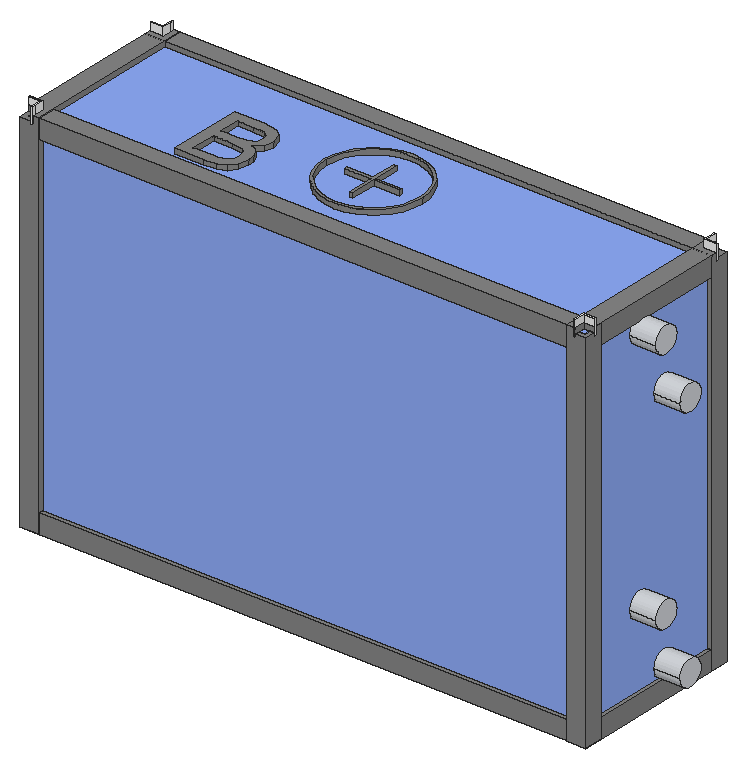
Revit family "10. Водяные нагреватели UTR GLP", category Оборудование, Revit 2016
Family settings
  Тип детали = Нормальный
  Размер круглого соединителя = Использовать диаметр
  На основе рабочей плоскости = Нет
  Всегда вертикально = Да
  При загрузке вырезать с полостями = Нет
  Общий = Нет
  Точка расчета площади = Нет
Parameters (values of type "90-50")
  ширина = 900 mm
  размер В = 1050 mm
  значок [instance] = yes
  высота = 500 mm
  Теплопроизводительность, кВт = 92.6 kW
  Синий = Синий
  Заправочный объем, л = 3.50 m³
  Д1 = Д - 20 mm  # 330 mm
  Д = 350 mm
  ножки(да/нет) [instance] = no
  Г = 645 mm
  Б1 = Б - 20 mm  # 720 mm
  А1 = А - 20 mm  # 1105 mm
  А = 1125 mm
  высота ножек = 50 mm
  Б = 740 mm
  Частотный преобразователь [instance] = no
  Частота вращения n, об/мин = ""
  Тип, марка, обозначение = "UTR 90-50 GLP"
  Сила тока J, А = ""
  Регулятор расхода [instance] = no
  Раздел = "ОВ"
  Примечание = ""
  Позиция = ""
  Напряжение U,В = ""
  Наименование и тех.хар-ка = "Рекуператор с промежуточным теплоносителем - приточная секция"  # constant formula
  Мощность двигателя N,Вт = ""
  Материал = Сталь серая
  Масса единицы = "72"
  Код, оборудования = ""
  Ключевая пометка = "Вентиляция"
  Задание электрикам [instance] = no
  Задание автоматчикам [instance] = no
  Завод изготовитель = "KORF"  # constant formula
  Единица измерения = "шт."  # constant formula
  h = высота ножек + 10 mm  # 60 mm
  d = 50.8 mm
Types (8, lengths in mm): name | ширина | размер В | высота | Теплопроизводительность, кВт | Заправочный объем, л | Г | Б1 | А1 | А | Б | Тип, марка, обозначение | Масса единицы | d
  50-25 | 500 | 635 | 250 | 26 kW | 1.00 m³ | 395 | 450 | 690 | 710 | 470 | "UTR 50-25 GLP" | "36" | 31.8
  50-30 | 500 | 635 | 300 | 30.9 kW | 1.30 m³ | 445 | 500 | 690 | 710 | 520 | "UTR 50-30 GLP" | "38" | 38.1
  60-30 | 600 | 735 | 300 | 37.4 kW | 1.50 m³ | 445 | 500 | 790 | 810 | 520 | "UTR 60-30 GLP" | "42" | 38.1
  60-35 | 600 | 735 | 350 | 43.9 kW | 1.70 m³ | 495 | 550 | 790 | 810 | 570 | "UTR 60-35 GLP" | "46" | 50.8
  70-40 | 700 | 835 | 400 | 58.5 kW | 2.20 m³ | 545 | 600 | 890 | 910 | 620 | "UTR 70-40 GLP" | "54" | 50.8
  80-50 | 800 | 935 | 500 | 82.9 kW | 3.20 m³ | 645 | 700 | 990 | 1010 | 720 | "UTR 80-50 GLP" | "69" | 50.8
  90-50 | 900 | 1050 | 500 | 92.6 kW | 3.50 m³ | 645 | 720 | 1105 | 1125 | 740 | "UTR 90-50 GLP" | "72" | 50.8
  100-50 | 1000 | 1150 | 500 | 102.4 kW | 3.80 m³ | 665 | 720 | 1205 | 1225 | 740 | "UTR 100-50 GLP" | "78" | 50.8
Reference planes
  plane 1 "По центру (Вперед/Назад)": y = 0
  plane 2: z = 0
  plane 3 "По центру (Влево/Вправо)": x = 0
  plane 4: x = -552.5
  plane 5: x = 552.5
  plane 6: y = 165
  plane 7: y = -165
  plane 8: z = 780
  plane 9: z = 60
  plane 10: z = 805
  plane 11: z = 272.5
  plane 12: z = 600
  plane 13: z = 240
  plane 14: z = 110
  plane 15: z = 730
  plane 16: y = 30
  plane 17: y = -30
  plane 18: x = 606
  plane 19: x = -300
Forms (mm)
  Extrusion 1, solid, material "Синий" <- "Синий", detail levels fine
    sketch origin (0, 0, 50) x (1, 0, 0) y (0, 1, 0)
      loop
        line (-552.5, 165) -> (-552.5, -165) -> (552.5, -165) -> (552.5, 165) -> (-552.5, 165)
    from 10 to 730
  Sweep 2, solid, material "Сталь серая" <- "Материал", detail levels fine
    path origin (552.5, -165, 50) x (-1, 0, 0) y (0, 0, -1)
      loop
        line (0, -730) -> (1105, -730) -> (1105, -10) -> (0, -10) -> (0, -730)
    profile "Профиль уголок 10х10 : Профиль уголок 10х10" origin (0, -165, 780) x (0, 0, -1) y (0, -1, 0)
      loop
        line (0, -27.5) -> (0, 0) -> (27.5, 0) -> (27.5, 10) -> (-10, 10) -> (-10, -27.5) -> (0, -27.5)
  Sweep 3, solid, material "Сталь серая" <- "Материал", detail levels fine
    path origin (-552.5, 165, 50) x (1, 0, 0) y (0, 0, -1)
      loop
        line (0, -730) -> (1105, -730) -> (1105, -10) -> (0, -10) -> (0, -730)
    profile "Профиль уголок 10х10 : Профиль уголок 10х10" origin (0, 165, 780) x (0, 0, -1) y (0, 1, 0)
      loop
        line (0, -27.5) -> (0, 0) -> (27.5, 0) -> (27.5, 10) -> (-10, 10) -> (-10, -27.5) -> (0, -27.5)
  Sweep 4, solid, material "Сталь серая" <- "Материал", detail levels fine
    path origin (552.5, 165, 50) x (0, -1, 0) y (0, 0, -1)
      loop
        line (0, -730) -> (330, -730) -> (330, -10) -> (0, -10) -> (0, -730)
    profile "Профиль уголок 10х10 : Профиль уголок 10х10" origin (552.5, 0, 780) x (0, 0, -1) y (1, 0, 0)
      loop
        line (0, -27.5) -> (0, 0) -> (27.5, 0) -> (27.5, 10) -> (-10, 10) -> (-10, -27.5) -> (0, -27.5)
  Sweep 5, solid, material "Сталь серая" <- "Материал", detail levels fine
    path origin (-552.5, -165, 50) x (0, 1, 0) y (0, 0, -1)
      loop
        line (0, -730) -> (330, -730) -> (330, -10) -> (0, -10) -> (0, -730)
    profile "Профиль уголок 10х10 : Профиль уголок 10х10" origin (-552.5, 0, 780) x (0, 0, -1) y (-1, 0, 0)
      loop
        line (0, -27.5) -> (0, 0) -> (27.5, 0) -> (27.5, 10) -> (-10, 10) -> (-10, -27.5) -> (0, -27.5)
  Extrusion 6, void
    sketch origin (-552.5, -324.965, 330) x (0, -1, 0) y (0, 0, -1)
      loop
        line (-477.965, -475) -> (-477.965, -450) -> (-528.913, -450) -> (-528.913, -475) -> (-477.965, -475)
    from -47.452 to 12
  Extrusion 7, void, not visible
    sketch origin (-345, -245, 50) x (0, -1, 0) y (0, 0, -1)
      loop
        line (-477.965, -475) -> (-477.965, -450) -> (-528.913, -450) -> (-528.913, -475) -> (-477.965, -475)
    from -47.452 to 12
  Extrusion 8, void
    sketch origin (552.5, 324.965, 330) x (0, 1, 0) y (0, 0, -1)
      loop
        line (-171.965, -475) -> (-121.016, -475) -> (-121.016, -450) -> (-171.965, -450) -> (-171.965, -475)
    from -47.452 to 12
  Extrusion 9, void
    sketch origin (-552.5, -324.965, 330) x (0, -1, 0) y (0, 0, -1)
      loop
        line (-171.965, -475) -> (-121.016, -475) -> (-121.016, -450) -> (-171.965, -450) -> (-171.965, -475)
    from -47.452 to 12
  Extrusion 10, void
    sketch origin (552.5, 324.965, 330) x (0, 1, 0) y (0, 0, -1)
      loop
        line (-477.965, -475) -> (-477.965, -450) -> (-528.913, -450) -> (-528.913, -475) -> (-477.965, -475)
    from -47.452 to 12
  Extrusion 11, solid, detail levels fine
    sketch origin (0, 0, 0) x (0, 1, 0) y (0, 0, 1)
      loop
        circle (30, 600) r 25.4
      loop
        circle (-30, 240) r 25.4
      loop
        circle (30, 110) r 25.4
      loop
        circle (-30, 730) r 25.4
    from 0 to 606
  Extrusion 12, solid, material "Сталь серая" <- "Материал", visible <- "значок", detail levels fine
    sketch origin (0, 0, 0) x (1, 0, 0) y (0, 1, 0)
      loop
        circle (0, 0) r 98.232
      loop
        circle (0, 0) r 93.61
      loop
        line (-3.188, 55) -> (-3.188, 3.188) -> (-55, 3.188) -> (-55, -2.932) -> (-3.188, -2.932) -> (-3.188, -55) -> (2.932, -55) -> (2.932, -2.932) -> (55, -2.932) -> (55, 3.188) -> (2.932, 3.188) -> (2.932, 55) -> (-3.188, 55)
      loop
        line (-300, 30.372) -> (-300, -117.32) -> (-242.69, -117.32) -> (-219.018, -114.778) -> (-202.954, -107.278) -> (-192.191, -93.144) -> (-187.846, -73.294) -> (-189.437, -60.935) -> (-194.21, -50.325) -> (-201.94, -42.014) -> (-212.401, -36.551) -> (-197.419, -23.48) -> (-192.461, -6.227) -> (-198.357, 12.668) -> (-205.379, 20.515) -> (-214.655, 26.027) -> (-242.257, 30.372) -> (-300, 30.372)
      loop
        line (-278.806, -29.628) -> (-245.092, -29.628) -> (-226.752, -28.041) -> (-214.907, -21.209) -> (-210.923, -9.183) -> (-214.637, 2.86) -> (-225.274, 9.981) -> (-249, 11.91) -> (-278.806, 11.91) -> (-278.806, -29.628)
      loop
        line (-278.806, -98.859) -> (-242.293, -98.859) -> (-228.591, -98.138) -> (-216.999, -94.117) -> (-209.318, -85.914) -> (-206.308, -73.474) -> (-209.841, -59.123) -> (-221.29, -50.56) -> (-242.748, -48.09) -> (-278.806, -48.09) -> (-278.806, -98.859)
    from 780 to 790
Cuts and joins
  Extrusion 6, Extrusion 8, Extrusion 9, Extrusion 10 cuts Extrusion 1
  Extrusion 6, Extrusion 8, Extrusion 9, Extrusion 10 cuts Sweep 3
  Extrusion 6, Extrusion 8, Extrusion 9 cuts Sweep 5
  Extrusion 8, Extrusion 10 cuts Sweep 4
  Extrusion 9, Extrusion 10 cuts Sweep 2
Dimensions and locks
  equal spacing: plane 6, plane 1 "По центру (Вперед/Назад)", plane 7
  "Д1": plane 6 to plane 7
  equal spacing: plane 4, plane 3 "По центру (Влево/Вправо)", plane 5
  "А1": plane 4 to plane 5
  "h": plane 9 to level
  "Б1": plane 8 to plane 9
  locked: plane 10 to plane 8 at 25
  locked: plane 8 to plane 15 at 50
  locked: plane 8 to plane 12 at 180
  locked: plane 14 to plane 9 at 50
  locked: plane 13 to plane 9 at 180
  locked: plane 1 "По центру (Вперед/Назад)" to plane 17 at 30
  locked: plane 16 to plane 1 "По центру (Вперед/Назад)" at 30
  locked: plane 18 to plane 5 at 53.5
  cut or joined group of Sweep 2, Extrusion 9, Extrusion 10 to level = 50 mm
  plane 6 to plane 7 = 330 mm
  locked: plane 19 to plane 3 "По центру (Влево/Вправо)" at 300
  "d": diameter of Extrusion 11 sketch curve  (x4)
  aligned and locked: level to plane 2
  aligned and locked: plane 6 to Extrusion 1
  aligned and locked: plane 5 to Extrusion 1
  aligned and locked: Extrusion 1 to plane 7
  aligned and locked: Extrusion 1 to plane 4
  aligned and locked: plane 8 to Extrusion 1
  aligned and locked: Extrusion 1 to plane 9
  aligned and locked: Sweep 4 sketch curve to Extrusion 1  (x2)
  aligned and locked: Sweep 5 sketch curve to Extrusion 1  (x2)
  aligned and locked: nested 1 to Sweep 5  (x2)
  aligned and locked: nested 2 to Sweep 4
  aligned and locked: Sweep 4 to nested 2
  aligned and locked: nested 4 to Sweep 4  (x2)
  aligned and locked: Sweep 5 to nested 3
  aligned and locked: nested 3 to Sweep 5
  aligned and locked: Extrusion 6 to nested 5  (x2)
  aligned and locked: Extrusion 8 to nested 7
  aligned and locked: nested 7 to Extrusion 8
  aligned and locked: Extrusion 9 to nested 8
  aligned and locked: nested 8 to Extrusion 9
  aligned and locked: Extrusion 10 to nested 9
  aligned and locked: nested 9 to Extrusion 10
  aligned and locked: nested 8 to cut or joined group of Sweep 2, Extrusion 9, Extrusion 10  (x2)
  aligned and locked: nested 5 to cut or joined group of Sweep 3, Extrusion 6, Extrusion 8, Extrusion 9, Extrusion 10
  aligned and locked: nested 5 to cut or joined group of Sweep 5, Extrusion 6, Extrusion 8, Extrusion 9
  aligned and locked: nested 7 to cut or joined group of Sweep 4, Extrusion 8, Extrusion 10
  aligned and locked: nested 7 to cut or joined group of Sweep 3, Extrusion 6, Extrusion 8, Extrusion 9, Extrusion 10
  aligned and locked: nested 9 to cut or joined group of Sweep 2, Extrusion 9, Extrusion 10
  aligned and locked: cut or joined group of Sweep 2, Extrusion 9, Extrusion 10 to nested 9
  aligned and locked: nested 8 to plane 10
  aligned and locked: nested 9 to plane 10
  aligned and locked: plane 10 to nested 5
  aligned and locked: plane 10 to nested 7
  aligned and locked: plane 18 to Extrusion 11
  aligned and locked: cut or joined group of Sweep 3, Extrusion 6, Extrusion 8, Extrusion 9, Extrusion 10 to Extrusion 12
  aligned and locked: Extrusion 12 to plane 8
  aligned and locked: plane 9 to nested 11
  aligned and locked: Extrusion 12 to plane 19
Automatic sketch dimensions
  Extrusion 6 sketch curve to Extrusion 6 sketch curve = 50.949 mm
  Extrusion 6 sketch curve to Extrusion 6 sketch curve = 25 mm
  Extrusion 7 sketch curve to Extrusion 7 sketch curve = 50.949 mm
  Extrusion 7 sketch curve to Extrusion 7 sketch curve = 25 mm
  Extrusion 8 sketch curve to Extrusion 8 sketch curve = 50.949 mm
  Extrusion 8 sketch curve to Extrusion 8 sketch curve = 25 mm
  Extrusion 9 sketch curve to Extrusion 9 sketch curve = 50.949 mm
  Extrusion 9 sketch curve to Extrusion 9 sketch curve = 25 mm
  Extrusion 10 sketch curve to Extrusion 10 sketch curve = 50.949 mm
  Extrusion 10 sketch curve to Extrusion 10 sketch curve = 25 mm
  Extrusion 1 sketch curve to plane 4 = 0 mm
  Extrusion 1 sketch curve to plane 5 = 0 mm
  Extrusion 1 sketch curve to plane 7 = 0 mm
  Extrusion 1 sketch curve to plane 6 = 0 mm
  Sweep 2 sketch curve to Extrusion 1 = 0 mm  (x4)
  Sweep 3 sketch curve to Extrusion 1 = 0 mm  (x3)
  Extrusion 1 to Sweep 3 sketch curve = 0 mm
  Sweep 4 sketch curve to Extrusion 1 = 0 mm  (x2)
  Sweep 5 sketch curve to Extrusion 1 = 0 mm  (x2)
  Extrusion 12 sketch curve to Extrusion 12 sketch curve = 0 mm  (x3)
  Extrusion 12 sketch curve to plane 1 "По центру (Вперед/Назад)" = 3.188 mm  (x2)
  plane 1 "По центру (Вперед/Назад)" to Extrusion 12 sketch curve = 0 mm
  Extrusion 12 sketch curve to plane 3 "По центру (Влево/Вправо)" = 0 mm
  Extrusion 12 sketch curve to plane 3 "По центру (Влево/Вправо)" = 3.188 mm  (x2)
  Extrusion 12 sketch curve to Extrusion 12 sketch curve = 51.812 mm
  plane 3 "По центру (Влево/Вправо)" to Extrusion 12 sketch curve = 2.932 mm  (x2)
  Extrusion 12 sketch curve to Extrusion 12 sketch curve = 52.068 mm
  plane 17 to Extrusion 12 sketch curve = 25 mm
  Extrusion 12 sketch curve to plane 16 = 25 mm
  plane 1 "По центру (Вперед/Назад)" to Extrusion 12 sketch curve = 2.932 mm  (x2)
  plane 17 to Extrusion 12 sketch curve = 43.294 mm
  Extrusion 12 sketch curve to Extrusion 12 sketch curve = 132.846 mm
  plane 17 to Extrusion 12 sketch curve = 30.935 mm
  Extrusion 12 sketch curve to Extrusion 12 sketch curve = 1.591 mm
  plane 17 to Extrusion 12 sketch curve = 63.144 mm
  Extrusion 12 sketch curve to Extrusion 12 sketch curve = 4.345 mm
  plane 1 "По центру (Вперед/Назад)" to Extrusion 12 sketch curve = 6.227 mm
  Extrusion 12 sketch curve to Extrusion 12 sketch curve = 3.024 mm
  plane 17 to Extrusion 12 sketch curve = 20.325 mm
  Extrusion 12 sketch curve to Extrusion 12 sketch curve = 4.773 mm
  Extrusion 12 sketch curve to plane 17 = 6.52 mm
  Extrusion 12 sketch curve to Extrusion 12 sketch curve = 4.958 mm
  Extrusion 12 sketch curve to plane 1 "По центру (Вперед/Назад)" = 12.668 mm
  Extrusion 12 sketch curve to Extrusion 12 sketch curve = 5.895 mm
  plane 17 to Extrusion 12 sketch curve = 12.014 mm
  Extrusion 12 sketch curve to Extrusion 12 sketch curve = 7.73 mm
  plane 7 to Extrusion 12 sketch curve = 57.722 mm
  Extrusion 12 sketch curve to Extrusion 12 sketch curve = 10.763 mm
  plane 16 to Extrusion 12 sketch curve = 9.485 mm
  Extrusion 12 sketch curve to Extrusion 12 sketch curve = 7.022 mm
  plane 17 to Extrusion 12 sketch curve = 6.551 mm
  Extrusion 12 sketch curve to Extrusion 12 sketch curve = 10.461 mm
  plane 16 to Extrusion 12 sketch curve = 3.973 mm
  Extrusion 12 sketch curve to Extrusion 12 sketch curve = 9.276 mm
  plane 7 to Extrusion 12 sketch curve = 50.222 mm
  Extrusion 12 sketch curve to Extrusion 12 sketch curve = 16.064 mm
  Extrusion 12 sketch curve to plane 16 = 0.372 mm
  Extrusion 12 sketch curve to Extrusion 12 sketch curve = 27.602 mm
  plane 7 to Extrusion 12 sketch curve = 47.68 mm
  Extrusion 12 sketch curve to Extrusion 12 sketch curve = 23.672 mm
  plane 4 to Extrusion 12 sketch curve = 252.5 mm
  Extrusion 12 sketch curve to plane 1 "По центру (Вперед/Назад)" = 11.91 mm
  Extrusion 12 sketch curve to Extrusion 12 sketch curve = 21.194 mm
  Extrusion 12 sketch curve to Extrusion 12 sketch curve = 6.743 mm
  Extrusion 12 sketch curve to plane 17 = 0.372 mm
  Extrusion 12 sketch curve to Extrusion 12 sketch curve = 33.714 mm
  Extrusion 12 sketch curve to plane 17 = 1.959 mm
  Extrusion 12 sketch curve to Extrusion 12 sketch curve = 14.351 mm
  Extrusion 12 sketch curve to plane 1 "По центру (Вперед/Назад)" = 9.981 mm
  Extrusion 12 sketch curve to Extrusion 12 sketch curve = 10.619 mm
  Extrusion 12 sketch curve to plane 17 = 8.791 mm
  Extrusion 12 sketch curve to Extrusion 12 sketch curve = 11.845 mm
  Extrusion 12 sketch curve to plane 1 "По центру (Вперед/Назад)" = 2.86 mm
  Extrusion 12 sketch curve to Extrusion 12 sketch curve = 10.637 mm
  plane 1 "По центру (Вперед/Назад)" to Extrusion 12 sketch curve = 9.183 mm
  Extrusion 12 sketch curve to Extrusion 12 sketch curve = 3.714 mm
  Extrusion 12 sketch curve to Extrusion 12 sketch curve = 2.344 mm
  Extrusion 12 sketch curve to Extrusion 12 sketch curve = 0.397 mm
  Extrusion 12 sketch curve to Extrusion 12 sketch curve = 13.702 mm
  plane 17 to Extrusion 12 sketch curve = 20.56 mm
  Extrusion 12 sketch curve to Extrusion 12 sketch curve = 8.888 mm
  Extrusion 12 sketch curve to Extrusion 12 sketch curve = 11.593 mm
  plane 17 to Extrusion 12 sketch curve = 29.123 mm
  Extrusion 12 sketch curve to Extrusion 12 sketch curve = 11.448 mm
  plane 17 to Extrusion 12 sketch curve = 55.914 mm
  Extrusion 12 sketch curve to Extrusion 12 sketch curve = 7.68 mm
  plane 17 to Extrusion 12 sketch curve = 43.474 mm
  Extrusion 12 sketch curve to Extrusion 12 sketch curve = 3.011 mm
  Extrusion 12 sketch curve to Extrusion 12 sketch curve = 18.462 mm
  Extrusion 12 sketch curve to Extrusion 12 sketch curve = 0.721 mm
  Extrusion 12 sketch curve to Extrusion 12 sketch curve = 8.203 mm
  plane 17 to Extrusion 12 sketch curve = 18.09 mm
  Extrusion 11 sketch curve to plane 13 = 0 mm
  Extrusion 11 sketch curve to plane 17 = 0 mm  (x2)
  Extrusion 11 sketch curve to plane 15 = 0 mm
  Extrusion 11 sketch curve to plane 14 = 0 mm
  Extrusion 11 sketch curve to plane 16 = 0 mm  (x2)
  Extrusion 11 sketch curve to plane 12 = 0 mm
  radius of Extrusion 12 sketch curve = 98.232 mm
  radius of Extrusion 12 sketch curve = 93.61 mm
Nested families
  nested 1: "Ножка 50мм" at (-565.5, 178, 0), visible <- "ножки(да/нет)", type "Ножка 50мм", detail levels fine
  nested 2: "Ножка 50мм" at (565.5, 178, 0) x (-1, 0, 0) z (0, 0, 1), visible <- "ножки(да/нет)", type "Ножка 50мм", detail levels fine
  nested 3: "Ножка 50мм" at (-565.5, -178, 0), visible <- "ножки(да/нет)", type "Ножка 50мм", detail levels fine
  nested 4: "Ножка 50мм" at (565.5, -178, 0) x (-1, 0, 0) z (0, 0, 1), visible <- "ножки(да/нет)", type "Ножка 50мм", detail levels fine
  nested 5: "крепление 15мм" at (-537.5, 150, 775), type "крепление 15мм", detail levels fine
  nested 6: "крепление 15мм" at (-330, 229.965, 495), type "крепление 15мм", not visible, detail levels fine
  nested 7: "крепление 15мм" at (537.5, 150, 775) x (-1, 0, 0) z (0, 0, 1), type "крепление 15мм", detail levels fine
  nested 8: "крепление 15мм" at (-537.5, -150, 775), type "крепление 15мм", detail levels fine
  nested 9: "крепление 15мм" at (537.5, -150, 775) x (-1, 0, 0) z (0, 0, 1), type "крепление 15мм", detail levels fine
  nested 10: "УГО вод.нагреватель(план)" at (0, 0, 780), Ширина <- "А1", длина <- "Д1", type "УГО вентилятор", detail levels coarse
    with длина 330 mm, Ширина 1105 mm
  nested 11: "УГО водонагреватель (разрез)" at (0, 0, 60) x (0, 1, 0) z (0, 0, 1), длина <- "Д1", высота <- "Б1", type "УГО водонагреватель (разрез)", detail levels medium
    with длина 330 mm, высота 720 mm, Ширина 0 mm
Connectors
  hvac at (0, -175, 420), driven by "высота", driven by "ширина"
    settings: on cut or joined group of Sweep 2, Extrusion 9, Extrusion 10, index 1, duct flow 0.0 L/s, flow factor 0, pres drop 0.0 Pa, loss coef 0, conn angle 0.00°, conn width 900 mm, conn height 500 mm, conn diameter 609.6 mm, duct sys type 28, conn prof type 1, flow config 0, flow direction 0, loss method 0, conn ref index 2, conn util no, is conn primary yes, conn desc ""
  hvac at (0, 175, 420), driven by "высота", driven by "ширина"
    settings: on cut or joined group of Sweep 3, Extrusion 6, Extrusion 8, Extrusion 9, Extrusion 10, index 2, duct flow 0.0 L/s, flow factor 0, pres drop 0.0 Pa, loss coef 0, conn angle 0.00°, conn width 900 mm, conn height 500 mm, conn diameter 609.6 mm, duct sys type 28, conn prof type 1, flow config 0, flow direction 0, loss method 0, conn ref index 1, conn util no, is conn primary no, conn desc ""
  piping at (606, 30, 600), diameter 50.8, driven by "d"
    settings: on Extrusion 11, index 3, connector inside diameter 609.6 mm, connector length 0 mm, flow factor 0, pipe flow 0.0 L/s, pressure drop 0.0 Pa, fitting loss kfactor 0, connector angle 0.00°, fixture units 0, engagement length 0 mm, angle of deflection 0.00°, flow configuration 0, flow direction 0, fitting loss method 0, system type 28, joint type 0, gender type 0, connector reference index -1, connector utility 0, adjustable connector no, is connector primary yes, connector description ""
  piping at (606, -30, 730), diameter 50.8, driven by "d"
    settings: on Extrusion 11, index 4, connector inside diameter 609.6 mm, connector length 0 mm, flow factor 0, pipe flow 0.0 L/s, pressure drop 0.0 Pa, fitting loss kfactor 0, connector angle 0.00°, fixture units 0, engagement length 0 mm, angle of deflection 0.00°, flow configuration 0, flow direction 0, fitting loss method 0, system type 28, joint type 0, gender type 0, connector reference index -1, connector utility 0, adjustable connector no, is connector primary no, connector description ""
  piping at (606, -30, 240), diameter 50.8, driven by "d"
    settings: on Extrusion 11, index 5, connector inside diameter 609.6 mm, connector length 0 mm, flow factor 0, pipe flow 0.0 L/s, pressure drop 0.0 Pa, fitting loss kfactor 0, connector angle 0.00°, fixture units 0, engagement length 0 mm, angle of deflection 0.00°, flow configuration 0, flow direction 0, fitting loss method 0, system type 28, joint type 0, gender type 0, connector reference index -1, connector utility 0, adjustable connector no, is connector primary no, connector description ""
  piping at (606, 30, 110), diameter 50.8, driven by "d"
    settings: on Extrusion 11, index 6, connector inside diameter 609.6 mm, connector length 0 mm, flow factor 0, pipe flow 0.0 L/s, pressure drop 0.0 Pa, fitting loss kfactor 0, connector angle 0.00°, fixture units 0, engagement length 0 mm, angle of deflection 0.00°, flow configuration 0, flow direction 0, fitting loss method 0, system type 28, joint type 0, gender type 0, connector reference index -1, connector utility 0, adjustable connector no, is connector primary no, connector description ""
Definition of nested family "Ножка 50мм"
  Parameters (values of type "Ножка 50мм")
    Материал ножек = none
  Reference planes
    plane 1 "По центру (Вперед/Назад)": y = 0
    plane 2: z = 0
    plane 3 "По центру (Влево/Вправо)": x = 0
  Forms (mm)
    Extrusion 1, solid, material <- "Материал ножек"
      sketch origin (0, 0, 0) x (1, 0, 0) y (0, 1, 0)
        loop
          line (0, 0) -> (0, -28) -> (3, -28) -> (3, -3) -> (28, -3) -> (28, 0) -> (0, 0)
      from 0 to 70
    Extrusion 2, solid, material <- "Материал ножек"
      sketch origin (0, 0, 0) x (1, 0, 0) y (0, 1, 0)
        loop
          line (0, 0) -> (0, -28.035) -> (28.021, -28.035) -> (28.021, 0) -> (0, 0)
      from 0 to 3
  Cuts and joins
    joined: Extrusion 1, Extrusion 2
  Dimensions and locks
    Extrusion 1 sketch curve to Extrusion 1 sketch curve = 3 mm  (x2)
    Extrusion 1 sketch curve to Extrusion 1 sketch curve = 28 mm  (x2)
    aligned and locked: level to plane 2
Definition of nested family "крепление 15мм"
  Parameters (values of type "крепление 15мм")
    Материал крепления = none
  Reference planes
    plane 1 "По центру (Вперед/Назад)": y = 0
    plane 2: z = 0
    plane 3 "По центру (Влево/Вправо)": x = 0
  Forms (mm)
    Extrusion 1, solid, material <- "Материал крепления"
      sketch origin (0, 0, 0) x (1, 0, 0) y (0, 1, 0)
        loop
          line (-25, 0) -> (0, 0) -> (0, 18.31) -> (0, 25) -> (-3, 25) -> (-3, 3) -> (-25, 3) -> (-25, 0)
      from 0 to 30
    Extrusion 2, void
      sketch origin (0, 0, 0) x (1, 0, 0) y (0, 1, 0)
        loop
          line (-3, 3) -> (-3, 54.96) -> (-58, 54.96) -> (-58, 3) -> (-3, 3)
      from 0 to 15
  Cuts and joins
    Extrusion 2 cuts Extrusion 1
  Dimensions and locks
    Extrusion 1 sketch curve to Extrusion 1 sketch curve = 3 mm  (x2)
    Extrusion 1 sketch curve to Extrusion 1 sketch curve to plane 3 "По центру (Влево/Вправо)" = 25 mm, 0 mm
    Extrusion 1 sketch curve to Extrusion 1 sketch curve = 25 mm
    aligned and locked: level to plane 2
Definition of nested family "УГО вод.нагреватель(план)"
  Parameters (values of type "УГО вентилятор")
    длина [instance] = 300 mm
    Ширина [instance] = 800 mm
    Частота вращения n, об/мин = ""
    Тип, марка, обозначение = ""
    Сила тока J, А = ""
    Раздел = "ВПИСАТЬ РАЗДЕЛ"
    Примечание = ""
    Позиция = ""
    Default Elevation = 1219.2 mm
    Напряжение U,В = ""
    Наименование и тех.хар-ка = ""
    Мощность двигателя N,Вт = ""
    Материал = none
    Масса единицы = ""
    Код, оборудования = ""
    Keynote = "ВПИСАТЬ СПЕЦИАЛЬНОСТЬ"
    Завод изготовитель = ""
    Единица измерения = ""
    Диаметр = 110 mm
  Reference planes
    plane 1 "По центру (Вперед/Назад)": y = 0
    plane 2: z = 0
    plane 3 "По центру (Влево/Вправо)": x = 0
    plane 4: y = 150
    plane 5: y = -150
    plane 6: x = -400
    plane 7: x = 400
  Lines and regions (mm)
    model lines
      curve 1: line (0, 80, 0) -> (0, -80, 0)
      curve 2: line (-80, 0, 0) -> (80, 0, 0)
      curve 3: line (-400, 150, 0) -> (400, 150, 0)
      curve 4: line (-400, -150, 0) -> (-400, 150, 0)
      curve 5: line (400, -150, 0) -> (-400, -150, 0)
      curve 6: line (400, 150, 0) -> (400, -150, 0)
      curve 7: circle (0, 0, 0) r 80 normal (0, 0, 1)
  Dimensions and locks
    "Ширина": plane 6 to plane 7
    "длина": plane 4 to plane 5
    equal spacing: plane 5, plane 1 "По центру (Вперед/Назад)", plane 4
    equal spacing: plane 6, plane 3 "По центру (Влево/Вправо)", plane 7
    aligned and locked: level to plane 2
  Automatic sketch dimensions
    plane 5 to curve 5 = 0 mm
    curve 5 to plane 6 = 0 mm
    plane 1 "По центру (Вперед/Назад)" to curve 2 = 0 mm
    curve 1 to plane 3 "По центру (Влево/Вправо)" = 0 mm
    plane 1 "По центру (Вперед/Назад)" to curve 7 = 0 mm
    curve 7 to plane 3 "По центру (Влево/Вправо)" = 0 mm
    curve 6 to plane 4 = 0 mm
    curve 6 to plane 7 = 0 mm
    curve 1 to plane 5 = 70 mm
Definition of nested family "УГО водонагреватель (разрез)"
  Parameters (values of type "УГО водонагреватель (разрез)")
    длина [instance] = 200 mm
    высота [instance] = 410 mm
    Ширина [instance] = 410 mm
    Частота вращения n, об/мин = ""
    Тип, марка, обозначение = ""
    Сила тока J, А = ""
    Раздел = ""
    Примечание = ""
    Позиция = ""
    Default Elevation = 1219.2 mm
    Напряжение U,В = ""
    Наименование и тех.хар-ка = ""
    Мощность двигателя N,Вт = ""
    Материал = none
    Масса единицы = ""
    Код, оборудования = ""
    Keynote = ""
    Завод изготовитель = ""
    Единица измерения = ""
    Диаметр = 110 mm
  Reference planes
    plane 1 "По центру (Вперед/Назад)": y = 0
    plane 2: z = 0
    plane 3 "По центру (Влево/Вправо)": x = 0
    plane 4: z = 410
    plane 5: x = 100
    plane 6: x = -100
    plane 7: z = 205
  Lines and regions (mm)
    model lines
      curve 1: line (0, 0, 255) -> (0, 0, 155)
      curve 2: line (-50, 0, 205) -> (50, 0, 205)
      curve 3: circle (0, 0, 205) r 50 normal (0, -1, 0)
      curve 4: line (-100, 0, 0) -> (100, 0, 0)
      curve 5: line (-100, 0, 410) -> (-100, 0, 0)
      curve 6: line (100, 0, 410) -> (-100, 0, 410)
      curve 7: line (100, 0, 0) -> (100, 0, 410)
  Dimensions and locks
    equal spacing: plane 5, plane 3 "По центру (Влево/Вправо)", plane 6
    "длина": plane 5 to plane 6
    "высота": plane 4 to level
    equal spacing: plane 4, plane 7, plane 2
    aligned and locked: level to plane 2
  Automatic sketch dimensions
    curve 2 to plane 7 = 0 mm
    curve 1 to plane 3 "По центру (Влево/Вправо)" = 0 mm
    curve 3 to plane 3 "По центру (Влево/Вправо)" = 0 mm
    curve 3 to plane 7 = 0 mm
    plane 3 "По центру (Влево/Вправо)" to curve 2 = 50 mm
    curve 4 to level = 0 mm
    curve 5 to plane 4 = 0 mm
    curve 5 to plane 6 = 0 mm
    curve 6 to plane 5 = 0 mm
